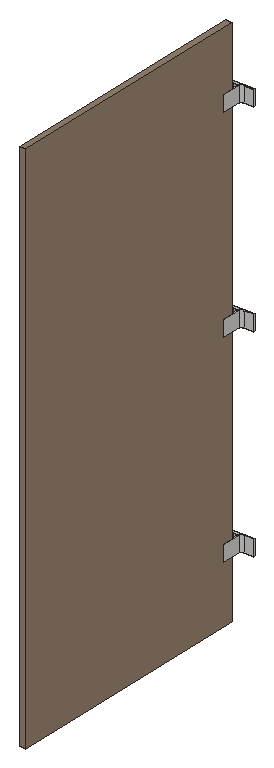
Revit family "Partition-Urinal_Screen-Bradley_Corp-Phenolic", category Specialty Equipment, Revit 2012
Parameters (values of type "23" x 48" Urinal Screen")
  Width = 23"
  Warranty Information = "Warranted 3 years against delamination and discoloration, lifetime of the partition on the stainless steel hardware."
  Version = "2.0"
  URL = "http://www.bradleycorp.com"
  Type Comments = "n/a"
  Top Stirrup Bracket Distance From Floor [instance] = if(Height > 42", 53 5/16", 53 5/16")  # 53 5/16"
  Top Of Pilaster = 70"  # constant formula
  Technical Data = "n/a"
  Stirrup Brackets [instance] = not(Continuous Brackets)  # yes
  Specifications URL = "http://www.bradleycorp.com/3partspec"
  Product Tech Data URL - Spanish = ""
  Product Tech Data URL - French = ""
  Product Tech Data URL - English = "https://www.bradleycorp.com/download/4342/9690.pdf"
  Percentage of Recycled Content = 0
  Partition Material [instance] = Plastic - Bradley Corp - Phenolic - Wild Cherry
  OmniClass Table 23 Title = "Toilet Compartment and Urinal Screens"
  OmniClass Table 23 Number = "23.15.11.15.11"
  OmniClass Table 21 Title = "Toilet, Bath, and Laundry Accessories"
  OmniClass Table 21 Number = "21-03 10 90 40"
  Modeling Code = "n/a"
  Model = "Phenolic - Urinal Screen"
  Material Note = "Aluminum Hardware Also Available - Please See www.bradleycorp.com"
  Material = "Phenolic"
  MasterFormat Title = "Toilet Compartments"
  MasterFormat Number = "10 21 13"
  Manufacturer = "Bradley Corporation"
  LEED Credit = "n/a"
  Industry Standards = "n/a"
  Hardware Material = Metal - Bradley Corp - Stainless Steel
  Fire Rating = "n/a"
  Description = "Restroom Partitions, Urinal Screen"
  Copyright = "This Model Data is Property of Bradley Corporation"
  Complies to NAFTA = "n/a"
  Center Stirrup Bracket Distance From Floor = if(Height > 42", 35 5/16", 38 5/16")  # 35 5/16"
  Buy American Act = "To Be Determined"
  Bottom Stirrup Bracket Distance From Floor [instance] = if(Height > 42", 17 5/16", 23 5/16")  # 17 5/16"
  Height = 48"
  Distance From Floor [instance] = if(Height > 42", 12", 18")  # 12"
  Continuous Brackets [instance] = no
  Bracket Offset = (Height - 41") * 0.5  # 3 1/2"
  Assembly Code = "C1010400"
  ADA Compliant = "No"  # constant formula
Types (7): name | Width | Center Stirrup Bracket Distance From Floor | Bottom Stirrup Bracket Distance From Floor | Height | Distance From Floor | Bracket Offset
  (no name) | 23" | 35 5/16" | 17 5/16" | 48" | 12" | 3 1/2"
  11" x 42" Urinal Screen | 11" | 38 5/16" | 23 5/16" | 42" | 18" | 1/2"
  17" x 42" Urinal Screen | 17" | 38 5/16" | 23 5/16" | 42" | 18" | 1/2"
  23" x 42" Urinal Screen | 23" | 38 5/16" | 23 5/16" | 42" | 18" | 1/2"
  11" x 48" Urinal Screen | 11" | 35 5/16" | 17 5/16" | 48" | 12" | 3 1/2"
  17" x 48" Urinal Screen | 17" | 35 5/16" | 17 5/16" | 48" | 12" | 3 1/2"
  23" x 48" Urinal Screen | 23" | 35 5/16" | 17 5/16" | 48" | 12" | 3 1/2"
Reference planes (in)
  plane 1 "Center (Front/Back)": y = 0
  plane 2: z = 0
  plane 3 "Center (Left/Right)": x = 0
Forms (in)
  Extrusion 1, solid, material "Plastic - Bradley Corp - Phenolic - Wild Cherry" <- "Partition Material"
    sketch origin (-0.5, 20.69046, 0) x (0, 1, 0) y (0, 0, 1)
      loop
        line (-44.69046, 60) -> (-44.69046, 12) -> (-21.69046, 12) -> (-21.69046, 60) -> (-44.69046, 60)
    from 0.75 to 0.25
Dimensions and locks (in)
  locked: Extrusion 1 to plane 1 "Center (Front/Back)" at 1
  "Distance From Floor": level to Extrusion 1
  Extrusion 1 to plane 3 "Center (Left/Right)" to Extrusion 1 = 1/4", 1/4"
  "Height": Extrusion 1 to Extrusion 1
  "Width": Extrusion 1 to Extrusion 1
  "Bracket Offset": Extrusion 1 to nested 1
  "Bottom Stirrup Bracket Distance From Floor": nested 2 to level
  "Top Stirrup Bracket Distance From Floor": nested 3 to level
  "Center Stirrup Bracket Distance From Floor": nested 4 to level
  aligned and locked: plane 3 "Center (Left/Right)" to nested 1
  aligned and locked: plane 1 "Center (Front/Back)" to nested 1
  aligned and locked: plane 1 "Center (Front/Back)" to nested 2
  aligned and locked: plane 3 "Center (Left/Right)" to nested 2
  aligned and locked: plane 1 "Center (Front/Back)" to nested 3
  aligned and locked: plane 3 "Center (Left/Right)" to nested 3
Automatic sketch dimensions
  plane 1 "Center (Front/Back)" to Extrusion 1 sketch curve = 24"
  level to Extrusion 1 sketch curve = 12"
  Extrusion 1 sketch curve to Extrusion 1 sketch curve = 48"
  plane 1 "Center (Front/Back)" to Extrusion 1 sketch curve = 1"
Nested families (in)
  nested 1: "Continuous Brackets - Phenolic" at (0, 0, 11.5), visible <- "Continuous Brackets", type "Continuous Bracket"
  nested 2: "Stirrup Brackets - Phenolic" at (0, 0, 17.3125), visible <- "Stirrup Brackets", type "Stirrup Bracket"
  nested 3: "Stirrup Brackets - Phenolic" at (0, 0, 53.3125), visible <- "Stirrup Brackets", type "Stirrup Bracket"
  nested 4: "Stirrup Brackets - Phenolic" at (0, 0, 35.3125), visible <- "Stirrup Brackets", type "Stirrup Bracket"
Definition of nested family "Continuous Brackets - Phenolic"
  Parameters (values of type "Continuous Bracket")
    Material = Metal - Bradley Corp - Stainless Steel
    Assembly Code = ""
  Reference planes (in)
    plane 1 "Center (Front/Back)": y = 0
    plane 2: z = 0
    plane 3 "Center (Left/Right)": x = 0
    plane 4: x = -0.25
    plane 5: x = 0.25
    plane 6: y = -1
    plane 7: y = -2
    plane 8: y = -0.1
    plane 9: y = -0.35
    plane 10 "del me": z = 0
    plane 11 "Midplane Of Bracket": z = 24.5
    plane 12 "Top Of Bracket": z = 45
    plane 13 "Bottom Of Bracket": z = 4
  Forms (in)
    Extrusion 1, solid, material "Metal - Bradley Corp - Stainless Steel" <- "Material"
      sketch origin (0, 0, 44.25) x (1, 0, 0) y (0, 1, 0)
        loop
          line (-1.5, 0) -> (-1.5, -0.1) -> (-0.6, -0.1)
          arc (-0.6, -0.1) -> (-0.42322, -0.17322) -> (-0.35, -0.35) r 0.25
          line (-0.35, -0.35) -> (-0.35, -2) -> (-0.25, -2) -> (-0.25, -0.27354) -> (0.25, -0.27354) -> (0.25, -2) -> (0.35, -2) -> (0.35, -0.35)
          arc (0.35, -0.35) -> (0.42322, -0.17322) -> (0.6, -0.1) r 0.25
          line (0.6, -0.1) -> (1.5, -0.1) -> (1.5, 0) -> (-1.5, 0)
      from 0.75 to -40.25
  Dimensions and locks (in)
    locked: plane 8 to plane 9 at 0.25
    locked: plane 6 to plane 7 at 1
    locked: plane 12 "Top Of Bracket" to plane 13 "Bottom Of Bracket" at 41
    equal spacing: plane 4, plane 3 "Center (Left/Right)", plane 5
    locked: plane 4 to plane 5 at 0.5
    locked: Extrusion 1 sketch curve to Extrusion 1 sketch curve at 0.1  (x2)
    aligned and locked: plane 12 "Top Of Bracket" to Extrusion 1
    aligned and locked: Extrusion 1 to plane 13 "Bottom Of Bracket"
    aligned and locked: plane 4 to Extrusion 1 sketch curve
    aligned and locked: plane 5 to Extrusion 1 sketch curve
Definition of nested family "Stirrup Brackets - Phenolic"
  Parameters (values of type "Stirrup Bracket")
    Material = Metal - Bradley Corp - Stainless Steel
    Assembly Code = ""
  Reference planes (in)
    plane 1 "Center (Front/Back)": y = 0
    plane 2: z = 0
    plane 3 "Center (Left/Right)": x = 0
    plane 4: x = -0.5
    plane 5: x = 0.5
    plane 6: y = -1
    plane 7: y = -2
    plane 8: y = -0.1
    plane 9: y = -0.35
  Forms (in)
    Extrusion 1, solid, material "Metal - Bradley Corp - Stainless Steel" <- "Material"
      sketch origin (0, 0, -244) x (1, 0, 0) y (0, 1, 0)
        loop
          line (-1.5, 0) -> (-1.5, -0.1) -> (-0.6, -0.1)
          arc (-0.6, -0.1) -> (-0.42322, -0.17322) -> (-0.35, -0.35) r 0.25
          line (-0.35, -0.35) -> (-0.35, -2) -> (-0.25, -2) -> (-0.25, -0.27354) -> (0.25, -0.27354) -> (0.25, -2) -> (0.35, -2) -> (0.35, -0.35)
          arc (0.35, -0.35) -> (0.42322, -0.17322) -> (0.6, -0.1) r 0.25
          line (0.6, -0.1) -> (1.5, -0.1) -> (1.5, 0) -> (-1.5, 0)
      from 244 to 245.375
  Dimensions and locks (in)
    locked: plane 8 to plane 9 at 0.25
    locked: plane 6 to plane 7 at 1
    locked: Extrusion 1 sketch curve to Extrusion 1 sketch curve at 0.1  (x2)
    Extrusion 1 sketch curve to plane 3 "Center (Left/Right)" = 1/4"
    plane 3 "Center (Left/Right)" to Extrusion 1 sketch curve = 1/4"
    locked: Extrusion 1 sketch curve to Extrusion 1 sketch curve at 0.5
